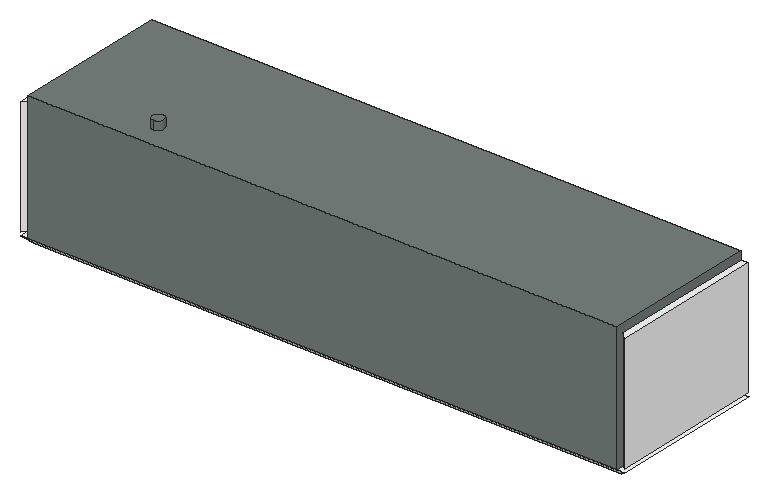
Revit family "CC 150", category Mechanical Equipment, Revit 2019
Family settings
  Round Connector Dimension = Use Diameter
  Part Type = Normal
  OmniClass Number = 23.75.00.00
  OmniClass Title = Climate Control (HVAC)
  Work Plane-Based = No
  Always vertical = Yes
  Cut with Voids When Loaded = No
  Shared = No
  Room Calculation Point = No
Parameters
  Weight (Standard Unit) = 108  # constant formula
  URL = "www.airmaster-as.com"
  Total Width = 1170 mm  # constant formula
  Total Hight = 262 mm  # constant formula
  T-C Duct Supply = 158 mm  # constant formula
  T-C Duct Exhaust = 158 mm  # constant formula
  Suply Air In = 125 mm  # constant formula
  R-C Duct Supply = 105 mm  # constant formula
  Phase 1 - Max Power Consumption = "500 W"
  Phase 1 - Max Current = "2,17 A"
  Nominal current,Cooling = "2,17 A"
  Model = "CC 150"
  Panel R [instance] = yes
  Max. flow rate 35 dB(A) with ePM10 80% filters = 115.00 m³  # constant formula
  Max. flow rate 35 dB(A) with ePM10 55% filters = 126.00 m³  # constant formula
  Max. flow rate 35 dB(A) with ePM10 50% filters = 147.00 m³  # constant formula
  Max. flow rate 30 dB(A) with ePM10 80% filters = 85.00 m³  # constant formula
  Max. flow rate 30 dB(A) with ePM10 55% filters = 90.00 m³  # constant formula
  Max. flow rate 30 dB(A) with ePM10 50% filters = 115.00 m³  # constant formula
  Manufacturer = "Airmaster A/S"
  Maintenance [instance] = no
  L-C Duct Exhaust = 105 mm  # constant formula
  Exhaust Air = 125 mm  # constant formula
  Total Depth = 859 mm  # constant formula
  Electrical connection = "1 ~ 230 V / N / PE / 50 Hz"
  Drawn By = "LSB"
  Condensate = 12 mm  # constant formula
  Panel L [instance] = yes
Reference planes
  plane 1 "Center (Front/Back)": y = 0
  plane 2: z = 0
  plane 3 "Center (Left/Right)": x = 0
  plane 4 "Center L/S": y = -777
  plane 5 "Center L/T": x = -585
  plane 6 "Center L/U": x = 585
  plane 7 "TOP": z = 262
  plane 8 "Center L/V": x = -570
  plane 9 "Center L/W": y = -762
  plane 10 "Center L/X": x = 570
  plane 11 "Panel Buttom": z = 21
  plane 12 "Hatch": z = 14.5
  plane 13 "Center L/CC": z = 247
  plane 14 "Center L/DD": y = 298.5
Forms (mm)
  Extrusion 1, solid, material "AM Grey"
    sketch origin (-370, 298.5, 0) x (1, 0, 0) y (0, 0, -1)
      loop
        circle (850, -104) r 62.5
    from 0 to 18.45
  Extrusion 2, solid, material "AM Grey"
    sketch origin (-370, 298.5, 0) x (1, 0, 0) y (0, 0, -1)
      loop
        circle (-110, -104) r 62.5
    from 0 to 18.45
  Blend 3, solid, material "AM White"
    base sketch origin (-790.646, -303, 14.5) x (0, -1, 0) y (1, 0, 0)
      loop
        line (-303, 205.646) -> (-303, 1375.646) -> (-601.5, 1375.646) -> (-601.5, 205.646) -> (-303, 205.646)
    top sketch origin (-790.646, -303, 14.5) x (0, -1, 0) y (1, 0, 0)
      loop
        line (-318, 223.963) -> (-318, 1357.646) -> (-586.5, 1357.646) -> (-586.5, 223.963) -> (-318, 223.963)
    from 0 to -14.5
  Extrusion 4, solid, material "AM Grey"
    sketch origin (-790.646, -1524, 0) x (0, -1, 0) y (1, 0, 0)
      loop
        line (-1822.5, 220.646) -> (-1524, 220.646) -> (-1524, 1360.646) -> (-1822.5, 1360.646) -> (-1822.5, 220.646)
    from 14.5 to 262
  Extrusion 5, solid, material "Maintenece", visible <- "Maintenance"
    sketch origin (0, 0, 0) x (1, 0, 0) y (0, 1, 0)
      loop
        line (-585, 298.5) -> (-585, 0) -> (585, 0) -> (585, 298.5) -> (-585, 298.5)
    from 0 to -1200
  Extrusion 6, solid, material "AM White"
    sketch origin (794.5, -1117, 163.4) x (0, -1, 0) y (-1, 0, 0)
      loop
        line (-1415.5, 209.5) -> (-1116.801, 209.5) -> (-1131.801, 224.5) -> (-1415.5, 224.5) -> (-1415.5, 209.5)
    from 142.4 to -83.6
  Extrusion 7, solid, material "AM White"
    sketch origin (-794.5, -1117, 163.4) x (0, 1, 0) y (1, 0, 0)
      loop
        line (1415.5, 209.5) -> (1415.5, 224.5) -> (1132, 224.5) -> (1117, 209.5) -> (1415.5, 209.5)
    from 142.4 to -83.6
  Extrusion 8, solid, material "AM Grey"
    sketch origin (-790.646, -1524, 262) x (0, -1, 0) y (1, 0, 0)
      loop
        circle (-1572.5, 433.646) r 11
    from 0 to 15
Dimensions and locks
  equal spacing: plane 5 "Center L/T", plane 3 "Center (Left/Right)", plane 6 "Center L/U"
  "Total Width": plane 5 "Center L/T" to plane 6 "Center L/U"
  "Total Hight": plane 7 "TOP" to level
  locked: plane 10 "Center L/X" to plane 6 "Center L/U" at 15
  locked: plane 4 "Center L/S" to plane 9 "Center L/W" at 15
  "R-C Duct Supply": plane 6 "Center L/U" to Extrusion 1 sketch curve
  "T-C Duct Exhaust": Extrusion 2 sketch curve to plane 7 "TOP"
  "L-C Duct Exhaust": Extrusion 2 sketch curve to plane 5 "Center L/T"
  "T-C Duct Exhaust": Extrusion 1 sketch curve to plane 7 "TOP"
  plane 1 "Center (Front/Back)" to plane 14 "Center L/DD" = 298.5 mm
  plane 5 "Center L/T" to Extrusion 8 sketch curve = 228 mm
  Extrusion 8 sketch curve to plane 14 "Center L/DD" = 250 mm
  plane 13 "Center L/CC" to plane 7 "TOP" = 15 mm
  level to plane 11 "Panel Buttom" = 21 mm
  "Exhaust Air": diameter of Extrusion 1 sketch curve
  "Suply Air In": diameter of Extrusion 2 sketch curve
  aligned and locked: level to plane 2
  aligned and locked: Extrusion 4 to Extrusion 7
  aligned and locked: Extrusion 4 to Extrusion 6
  aligned and locked: Extrusion 7 to plane 13 "Center L/CC"
  aligned and locked: Extrusion 6 to plane 13 "Center L/CC"
Automatic sketch dimensions
  Blend 3 sketch curve to plane 5 "Center L/T" = 0 mm
  Blend 3 sketch curve to plane 6 "Center L/U" = 0 mm
  plane 1 "Center (Front/Back)" to Blend 3 sketch curve = 0 mm
  Blend 3 sketch curve to plane 1 "Center (Front/Back)" = 298.5 mm
  plane 8 "Center L/V" to Blend 3 sketch curve = 3.316 mm
  Blend 3 sketch curve to plane 1 "Center (Front/Back)" = 283.5 mm
  Blend 3 sketch curve to plane 1 "Center (Front/Back)" = 15 mm
  Blend 3 sketch curve to plane 10 "Center L/X" = 3 mm
  Extrusion 4 sketch curve to plane 10 "Center L/X" = 0 mm
  Extrusion 4 sketch curve to plane 8 "Center L/V" = 0 mm
  plane 1 "Center (Front/Back)" to Extrusion 4 sketch curve = 0 mm
  Extrusion 4 sketch curve to plane 1 "Center (Front/Back)" = 298.5 mm
  plane 1 "Center (Front/Back)" to Extrusion 5 sketch curve = 0 mm
  Extrusion 5 sketch curve to plane 5 "Center L/T" = 0 mm
  Extrusion 5 sketch curve to plane 6 "Center L/U" = 0 mm
  Extrusion 5 sketch curve to plane 1 "Center (Front/Back)" = 298.5 mm
  Extrusion 6 sketch curve to plane 10 "Center L/X" = 0 mm
  Extrusion 6 sketch curve to plane 6 "Center L/U" = 0 mm
  Extrusion 6 sketch curve to plane 9 "Center L/W" = 776.801 mm
  Extrusion 6 sketch curve to plane 4 "Center L/S" = 776.801 mm
  Extrusion 6 sketch curve to plane 1 "Center (Front/Back)" = 298.5 mm
  Extrusion 7 sketch curve to plane 4 "Center L/S" = 777 mm
  Extrusion 7 sketch curve to plane 8 "Center L/V" = 0 mm
  Extrusion 7 sketch curve to plane 9 "Center L/W" = 777 mm
  Extrusion 7 sketch curve to plane 5 "Center L/T" = 0 mm
  Extrusion 7 sketch curve to plane 1 "Center (Front/Back)" = 298.5 mm
  radius of Extrusion 8 sketch curve = 11 mm
Nested families
  nested 1: "Model Label 2019" at (0, 207.014, 0), Label <- "Model", type "Model Label 2019"
    with Label "CC 150"
Connectors
  piping at (-357, 48.5, 277), diameter 12, driven by "Condensate"
    settings: on Extrusion 8, index 11, connector inside diameter 609.6 mm, connector length 0 mm, flow factor 0, pipe flow 0.0 L/s, pressure drop 0.0 Pa, fitting loss kfactor 0, connector angle 0.00°, fixture units 0, engagement length 0 mm, angle of deflection 0.00°, flow configuration 0, flow direction 2, fitting loss method 0, system type 16, joint type 0, gender type 0, connector reference index -1, connector utility 0, adjustable connector no, is connector primary yes, connector description ""
  hvac at (-480, 298.5, 104), driven by "Exhaust Air"
    settings: on Extrusion 2, index 12, duct flow 0.0 L/s, flow factor 0, pres drop 0.0 Pa, loss coef 0, conn angle 0.00°, conn width 304.8 mm, conn height 304.8 mm, conn diameter 125 mm, duct sys type 3, conn prof type 0, flow config 2, flow direction 2, loss method 0, conn ref index -1, conn util no, is conn primary yes, conn desc ""
  hvac at (480, 298.5, 104), driven by "Suply Air In"
    settings: on Extrusion 1, index 13, duct flow 0.0 L/s, flow factor 0, pres drop 0.0 Pa, loss coef 0, conn angle 0.00°, conn width 304.8 mm, conn height 304.8 mm, conn diameter 125 mm, duct sys type 1, conn prof type 0, flow config 2, flow direction 1, loss method 0, conn ref index -1, conn util no, is conn primary no, conn desc ""
Definition of nested family "Model Label 2019"
  Parameters (values of type "Model Label 2019")
    Label [instance] = ""
  Reference planes
    plane 1: y = 0
    plane 2: x = 0
  Text (mm)
    label "Label" at (-0.131, 0.049, 0), shows "Label"
